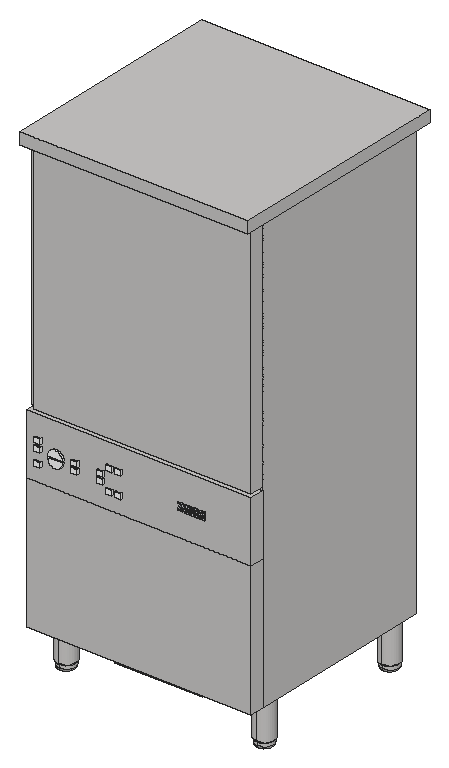
Revit family "QF_ELECTROLUXPROFESSIONAL_726622_RBC101", category Specialty Equipment, Revit 2018 (continued)
Definition of nested family "ZAN_Logo_S_Grey"
  Forms (mm)
    Extrusion 2, solid
      sketch origin (17.793, -46.218, 0) x (-1, 0, 0) y (0, -1, 0)
        loop
          spline (-13.581, -58.5) -> (-13.088, -58.407) -> (-12.595, -58.269) -> (-12.109, -58.088) -> (-11.636, -57.866) -> (-11.183, -57.605) -> (-10.756, -57.307) -> (-10.361, -56.974) -> (-10.004, -56.608) -> (-9.692, -56.211) -> (-9.431, -55.784) -> (-9.228, -55.33) -> (-9.089, -54.851)
          spline (-9.089, -54.851) -> (-8.873, -54.211) -> (-8.715, -53.559) -> (-8.615, -52.901) -> (-8.574, -52.241) -> (-8.592, -51.585) -> (-8.668, -50.938) -> (-8.802, -50.306) -> (-8.995, -49.693) -> (-9.247, -49.106) -> (-9.557, -48.55) -> (-9.925, -48.03) -> (-10.352, -47.551)
          line (-10.352, -47.551) -> (-15.546, -42.919) -> (-16.669, -41.234)
          spline (-16.669, -41.234) -> (-16.704, -41.021) -> (-16.735, -40.804) -> (-16.761, -40.583) -> (-16.778, -40.361) -> (-16.784, -40.139) -> (-16.774, -39.919) -> (-16.748, -39.701) -> (-16.7, -39.488) -> (-16.63, -39.28) -> (-16.533, -39.08) -> (-16.406, -38.889) -> (-16.248, -38.708)
          line (-16.248, -38.708) -> (-14.844, -38.427)
          spline (-14.844, -38.427) -> (-14.347, -38.545) -> (-13.969, -38.749) -> (-13.695, -39.028) -> (-13.508, -39.368) -> (-13.393, -39.757) -> (-13.335, -40.182) -> (-13.318, -40.63) -> (-13.326, -41.089) -> (-13.344, -41.546) -> (-13.356, -41.988) -> (-13.347, -42.403) -> (-13.3, -42.779)
          line (-13.3, -42.779) -> (-8.387, -42.638)
          spline (-8.387, -42.638) -> (-8.326, -42.034) -> (-8.288, -41.417) -> (-8.277, -40.794) -> (-8.299, -40.169) -> (-8.357, -39.548) -> (-8.457, -38.936) -> (-8.604, -38.339) -> (-8.803, -37.762) -> (-9.058, -37.21) -> (-9.375, -36.689) -> (-9.758, -36.204) -> (-10.212, -35.76)
          spline (-10.212, -35.76) -> (-10.793, -35.336) -> (-11.409, -34.976) -> (-12.054, -34.679) -> (-12.723, -34.445) -> (-13.409, -34.273) -> (-14.107, -34.163) -> (-14.811, -34.115) -> (-15.515, -34.127) -> (-16.213, -34.2) -> (-16.899, -34.333) -> (-17.568, -34.526) -> (-18.213, -34.777)
          spline (-18.213, -34.777) -> (-18.496, -34.897) -> (-18.783, -35.044) -> (-19.071, -35.216) -> (-19.357, -35.412) -> (-19.639, -35.629) -> (-19.915, -35.865) -> (-20.182, -36.119) -> (-20.438, -36.389) -> (-20.681, -36.672) -> (-20.907, -36.967) -> (-21.115, -37.272) -> (-21.301, -37.585)
          spline (-21.301, -37.585) -> (-21.55, -38.26) -> (-21.734, -38.948) -> (-21.854, -39.647) -> (-21.91, -40.351) -> (-21.901, -41.057) -> (-21.828, -41.761) -> (-21.69, -42.459) -> (-21.489, -43.148) -> (-21.222, -43.823) -> (-20.892, -44.48) -> (-20.497, -45.116) -> (-20.038, -45.726)
          line (-20.038, -45.726) -> (-14.142, -51.061) -> (-13.44, -52.886) -> (-14.002, -54.289) -> (-15.265, -54.57) -> (-16.669, -53.587) -> (-16.81, -50.78) -> (-21.582, -50.64)
          spline (-21.582, -50.64) -> (-21.558, -51.063) -> (-21.55, -51.491) -> (-21.554, -51.92) -> (-21.561, -52.35) -> (-21.567, -52.778) -> (-21.565, -53.201) -> (-21.547, -53.619) -> (-21.509, -54.029) -> (-21.444, -54.43) -> (-21.345, -54.818) -> (-21.206, -55.193) -> (-21.021, -55.552)
        loop
          line (-22.424, -34.216) -> (-27.337, -34.216) -> (-27.337, -58.22) -> (-22.424, -58.22) -> (-22.424, -34.216)
        loop
          line (14.213, -39.971) -> (14.213, -58.22) -> (19.126, -58.22) -> (19.126, -42.077) -> (18.845, -38.146) -> (18.424, -37.164) -> (17.442, -35.9) -> (16.459, -35.199) -> (14.494, -34.356) -> (13.511, -34.216) -> (11.265, -34.216) -> (10.142, -34.497) -> (8.458, -35.479) -> (6.493, -38.287) -> (6.352, -39.269) -> (6.352, -58.22) -> (11.265, -58.22) -> (11.265, -40.392) -> (11.827, -39.129) -> (13.371, -38.988) -> (14.213, -39.971)
        loop
          line (20.249, -58.22) -> (24.741, -58.22) -> (24.741, -42.919) -> (28.812, -58.22) -> (34.006, -58.22) -> (34.006, -34.216) -> (29.654, -34.216) -> (29.654, -50.078) -> (25.583, -34.216) -> (20.249, -34.216) -> (20.249, -58.22)
        loop
          line (50.149, -58.22) -> (62.361, -58.22) -> (62.361, -53.728) -> (55.904, -53.868) -> (62.923, -39.129) -> (62.923, -34.216) -> (50.149, -34.216) -> (50.149, -39.129) -> (57.517, -39.129) -> (50.149, -54.149) -> (50.149, -58.22)
        loop
          line (38.778, -58.22) -> (45.516, -58.22) -> (49.868, -34.216) -> (44.814, -34.216) -> (44.113, -38.848) -> (40.042, -38.848) -> (39.34, -34.216) -> (34.286, -34.216) -> (38.778, -58.22)
        loop
          line (43.551, -43.2) -> (40.744, -43.2) -> (42.147, -54.117) -> (43.551, -43.2)
      from 0 to 1.644
  Dimensions and locks
    aligned and locked: plane 2 to Extrusion 1
    aligned and locked: level to Extrusion 1
